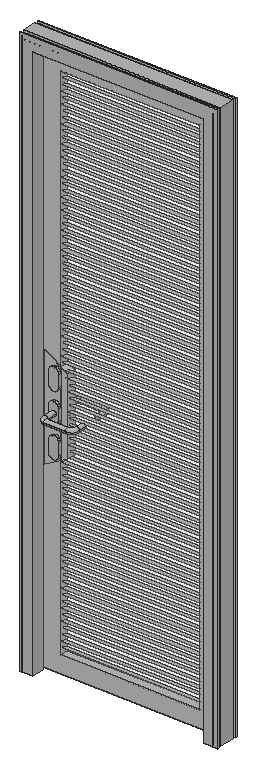
Revit family "Doors_Swing_Avanti_Systems_Acoustic-Dbl-Glazed", category Doors, Revit 2015
Parameters (values of type "Double Glazed Acoustic Swing Door")
  Youtube clip = ""
  Width [instance] = 2' - 8.58379"
  Weight Net (Kg) = "0"
  Warranty = "1 year"  # constant formula
  Uniformat II Description = "Interior Doors"
  Uniformat II Code = "C1020"
  Uniclass 2015 Name = "Doors and windows"
  Uniclass 2015 Code = "EF_25_30"
  Uniclass 2.0 Description = ""
  Uniclass 2.0 Code = ""
  Uniclass 1.4 Description = "Doors"
  Uniclass 1.4 Code = "JL20"
  URL = "https://www.avantisystemsusa.com/"
  UNSPSC Code = "30171504"
  Thickness = 0' - 1 3/4"
  Technical description = ""
  Standard Lever Handle [instance] = not(Locking Lever Handle)  # no
  Sound Rating = 0
  Sketch Dimension [instance] = Width - 2 * (0' 2 51/256")  # 2' - 4.18535"
  Self Closing [instance] = yes
  Region South America = "All"
  Region Oceania = "All"
  Region North America = "All"
  Region Middle East = "All"
  Region Europe = "All"
  Region Asia = "All"
  Region Antarctica = "All"
  Region Africa = "All"
  QR code = "http://bimobject.com/avantisystems/product/avanti-acoustic-double-glazed-glass-swing-door"
  Product url = "https://www.avantisystemsusa.com/glass-products/doors/pivot-doors-hinged-doors/double-glazed-framed/"
  Product group = "Acoustic Double Glazed"
  Product family = "Pivot & Hinged Doors"
  Product data url = "https://bimobject.com/avantisystems/product/avanti-acoustic-double-glazed-glass-swing-door"
  Product certification = ""
  Product SKU = "avanti-acoustic-double-glazed-glass-swing-door"
  Product Guid = "4cbc50b4-6a02-4c5a-a436-d6565afaf1f2"
  Power = 110 V  # constant formula
  OmniClass Description = "Wood Doors"
  OmniClass Code = "23-17 11 15"
  Number of blinds [instance] = (Height - 0' 6") / 0' 1"  # 88
  Nominal width = 0' - 0"
  Nominal height = 0' - 0"
  NBS Reference Description = ""
  NBS Reference Code = ""
  Model = "Acoustic Double Glazed Glass Swing Door"  # constant formula
  Material secondary = "Aluminium"
  Material main = "Glass"
  Masterformat 2014 Description = "Wood Doors"
  Masterformat 2014 Code = "08 14 00"
  Manufacturer name = "Avanti Systems"
  Manufacturer country = ""
  Manufacturer = "Avanti Systems USA"  # constant formula
  Locking Lever Handle [instance] = yes
  Installation instructions = ""
  IFC Classification = "Door"
  Height [instance] = 7' - 9.651"
  Heght Controller [instance] = if(Doors Height Control > 8' 10", 8' 10", Doors Height Control)  # 7' - 0"
  Hardware material [instance] = Stainless Steel - Avanti- Brushed Finish
  Handle width [instance] = Width - 0' 4"  # 2' - 4.58379"
  Handle Height [instance] = Height - 0' 2"  # 7' - 7.651"
  Handle Distance = 0' - 4 1/8"  # constant formula
  Glazing = ""
  Glass Width [instance] = 2' - 4.5976"
  Glass Marker = yes
  Glass Height [instance] = 7' - 7.46539"
  Function = Interior
  Free Swing [instance] = yes
  Frame Material [instance] = Polyester powder - Avanti - White aluminium METALLIC - RAL9006
  Filling_width [instance] = 0' - 1 7/8"
  Filling_height [instance] = 7' - 7.58753"
  Edition number = 1
  EAN code = ""
  Doors panel material = Glass - Avanti - Laminated Glass
  Doors Height Control [instance] = if(Doors Height > 8' 10", 8' 10", Doors Height)  # 7' - 0"
  Doors Height [instance] = 7' - 0"
  Design country = "United States"
  Description = "Double Glazed Acoustic Swing Doors fit seamlessly into the Solare™ Double Glazed, Elevare™ Stacking Double Glazed High Wall , Movare™ Movable Double Glazed or Transverto™ MonobIock Modular for superior sound resistance and style."  # constant formula
  Date of publishing = ""
  Clear Anodic Finish = "AAMA 611, AA-M12c22A31, Class II, 0.01mm or thicker"  # constant formula
  COBIe Type Category = ""
  Brand url = "http://www.avantisystemsusa.com/"
  Blinds material [instance] = Polyester powder - Avanti - White aluminium METALLIC - RAL9006
  Blinds [instance] = yes
  Blinds width [instance] = Width - 0' 9 81/128"  # 1' - 10.95098"
  Blinds height [instance] = Height - 0' 8"  # 7' - 1.651"
  BIMobject main category code = "doors"
  BIMobject main category = "Doors"
  BIMobject category code = "doors-swing"
  BIMobject category = "Swing"
  Analytic Construction = "<None>"
  Acoustic performance (dB) = 43  # constant formula
Reference planes (in)
  plane 1 "Center (Front/Back)": y = 0
  plane 2: z = 0.6245
  plane 3 "Center (Left/Right)": x = 3.24894
  plane 4: x = -13.04295
  plane 5: x = 19.54084
  plane 6 "Top": z = 94.2755
  plane 7: z = 89.62939
  plane 8: x = -8.91795
  plane 9 "Doors Bottom Plan": y = 0.2175
  plane 10: z = 91.651
  plane 11 "Doors Center": y = 0.8725
  plane 12 "Door_top_olan": y = 1.9675
  plane 13 "Door_height_top": z = 91.65289
  plane 14 "Door_left": x = 17.54774
  plane 15 "Door_right": x = -11.04986
  plane 16: z = 91.75551
  plane 17: y = 1.9675
  plane 18: z = 12.6245
  plane 19: z = 78.336
  plane 20: z = 66.336
  plane 21: z = 47.45
  plane 22: y = 1.78
  plane 23: y = 0.405
  plane 24: x = 14.10021
  plane 25: x = -7.60233
  plane 26: z = 89.25449
  plane 27: z = 0.1875
  plane 28: x = 3.24894
  plane 29: x = -11.35863
  plane 30: x = 17.67186
Forms (in)
  Sweep 1, solid, material "Polyester powder - Avanti - White aluminium METALLIC - RAL9006" <- "Frame Material"
    path origin (0.39048, 0, 0) x (1, 0, 0) y (0, 0, 1)
      loop
        line (19.15035, 0) -> (19.15035, 94.2755) -> (-13.43344, 94.2755) -> (-13.43344, 0)
    profile origin (19.54084, 0, 47.13775) x (-1, 0, 0) y (0, -1, 0)
      loop
        line (0, -1.20637) -> (0.32027, -1.20637) -> (0.32027, -1.10581) -> (0.81894, -1.10581) -> (0.81894, -1.90844) -> (0.32, -1.90844) -> (0.32, -1.75074) -> (0, -1.75074) -> (0, -1.9675) -> (1.68432, -1.9675) -> (1.68432, -0.10813) -> (2.19799, -0.10813) -> (2.19799, 1.96951) -> (0, 1.96951) -> (0, 1.75296) -> (0.32, 1.75296) -> (0.32, 1.91045) -> (0.8165, 1.91045) -> (0.8165, 1.12164) -> (0.3206, 1.12164) -> (0.3206, 1.22391) -> (0, 1.22391) -> (0, -1.20637)
  Extrusion 2, solid, material "Glass - Avanti - Laminated Glass" <- "Doors panel material"
    sketch origin (0, 0, 0) x (1, 0, 0) y (0, 1, 0)
      loop
        line (-11.04986, 1.9675) -> (-11.04986, 1.78) -> (17.54774, 1.78) -> (17.54774, 1.9675) -> (-11.04986, 1.9675)
      loop
        line (-11.04986, 0.405) -> (-11.04986, 0.2175) -> (17.54774, 0.2175) -> (17.54774, 0.405) -> (-11.04986, 0.405)
    from 0.1875 to 92.07752
  Sweep 3, solid, material "Polyester powder - Avanti - White aluminium METALLIC - RAL9006" <- "Frame Material"
    path origin (0, 0, 0) x (1, 0, 0) y (0, 0, 1)
      loop
        line (17.54774, 0.1875) -> (17.54774, 92.07752) -> (-11.04986, 92.07752) -> (-11.04986, 0.1875) -> (17.54774, 0.1875)
    profile origin (17.54774, 0, 46.13251) x (-1, 0, 0) y (0, -1, 0)
      loop
        line (2.82303, -1.78) -> (2.82303, -0.405) -> (0, -0.405) -> (0, -1.78) -> (2.82303, -1.78)
Lines and regions (in)
  symbolic lines, style "00 View port"
    curve 1: line (17.85651, 0.2175, 0) -> (-11.35863, 0.2175, 0)
    curve 5: line (-11.17398, 1.78, 0) -> (17.67186, 1.78, 0)
    curve 6: line (-11.17398, 0.405, 0) -> (17.67186, 0.405, 0)
    curve 7: line (3.24894, 1.78, 91.78203) -> (3.24894, 1.78, 0.6245)
    curve 8: line (3.24894, 0.405, 91.78203) -> (3.24894, 0.405, 0.6245)
    curve 9: line (3.24894, 1.905, 91.78203) -> (3.24894, 1.905, 0.6245)
    curve 10: line (3.24894, 1.8425, 91.78203) -> (3.24894, 1.8425, 0.6245)
    curve 11: line (3.24894, 0.3425, 91.78203) -> (3.24894, 0.3425, 0.6245)
    curve 12: line (3.24894, 0.28, 91.78203) -> (3.24894, 0.28, 0.6245)
  symbolic lines, style "01 Cut"
    curve 2: line (3.24894, 1.9675, 0.6245) -> (3.24894, 0.2175, 0.6245)
    curve 3: line (3.24894, 0.2175, 0.6245) -> (3.24894, 0.2175, 91.78203)
    curve 4: line (3.24894, 1.9675, 91.78203) -> (3.24894, 1.9675, 0.6245)
  symbolic lines, style "0", detail levels medium+fine
    curve 13: line (-9.7346, 2.31618, 0) -> (-8.09759, 2.31618, 0)
    curve 14: line (-9.7346, 1.9675, 0) -> (-9.7346, 2.31618, 0)
    curve 15: line (-8.09759, 1.9675, 0) -> (-9.7346, 1.9675, 0)
    curve 16: line (-8.09759, 2.31618, 0) -> (-8.09759, 1.9675, 0)
    curve 17: line (-9.30872, 2.31618, 0) -> (-9.30872, 4.12294, 0)
    curve 18: arc (-9.30872, 4.12294, 0) -> (-9.01696, 4.82732, 0) -> (-8.31258, 5.11908, 0) r 0.99614
    curve 19: line (-8.31258, 5.11908, 0) -> (-4.68684, 5.11908, 0)
    curve 20: arc (-4.68684, 5.11908, 0) -> (-3.85061, 4.7727, 0) -> (-3.50423, 3.93647, 0) r 1.18261
    curve 21: line (-3.50423, 3.93647, 0) -> (-3.50423, 2.59532, 0)
    curve 22: line (-3.50423, 2.59532, 0) -> (-4.28513, 2.59532, 0)
    curve 23: line (-4.28513, 2.59532, 0) -> (-4.28513, 3.93356, 0)
    curve 24: arc (-4.28513, 3.93356, 0) -> (-4.4221, 4.21798, 0) -> (-4.71539, 4.33478, 0) r 0.43481
    curve 25: line (-4.71539, 4.33478, 0) -> (-8.27803, 4.33478, 0)
    curve 26: arc (-8.27803, 4.33478, 0) -> (-8.44928, 4.26384, 0) -> (-8.52022, 4.09259, 0) r 0.24219
    curve 27: line (-8.52022, 4.09259, 0) -> (-8.52022, 2.31618, 0)
    curve 43: line (-9.7346, -0.13118, 0) -> (-8.09759, -0.13118, 0)
    curve 44: line (-9.7346, 0.2175, 0) -> (-9.7346, -0.13118, 0)
    curve 45: line (-8.09759, 0.2175, 0) -> (-9.7346, 0.2175, 0)
    curve 46: line (-8.09759, -0.13118, 0) -> (-8.09759, 0.2175, 0)
    curve 47: line (-9.30872, -0.13118, 0) -> (-9.30872, -1.93794, 0)
    curve 48: arc (-9.30872, -1.93794, 0) -> (-9.01696, -2.64232, 0) -> (-8.31258, -2.93408, 0) r 0.99614
    curve 49: line (-8.31258, -2.93408, 0) -> (-4.68684, -2.93408, 0)
    curve 50: arc (-4.68684, -2.93408, 0) -> (-3.85061, -2.5877, 0) -> (-3.50423, -1.75147, 0) r 1.18261
    curve 51: line (-3.50423, -1.75147, 0) -> (-3.50423, -0.41032, 0)
    curve 52: line (-3.50423, -0.41032, 0) -> (-4.28513, -0.41032, 0)
    curve 53: line (-4.28513, -0.41032, 0) -> (-4.28513, -1.74856, 0)
    curve 54: arc (-4.28513, -1.74856, 0) -> (-4.4221, -2.03298, 0) -> (-4.71539, -2.14978, 0) r 0.43481
    curve 55: line (-4.71539, -2.14978, 0) -> (-8.27803, -2.14978, 0)
    curve 56: arc (-8.27803, -2.14978, 0) -> (-8.44928, -2.07884, 0) -> (-8.52022, -1.90759, 0) r 0.24219
    curve 57: line (-8.52022, -1.90759, 0) -> (-8.52022, -0.13118, 0)
  symbolic lines, style "0", not visible, detail levels medium+fine
    curve 28: line (-9.7346, 2.31618, 0) -> (-8.09759, 2.31618, 0)
    curve 29: line (-9.7346, 1.9675, 0) -> (-9.7346, 2.31618, 0)
    curve 30: line (-8.09759, 1.9675, 0) -> (-9.7346, 1.9675, 0)
    curve 31: line (-8.09759, 2.31618, 0) -> (-8.09759, 1.9675, 0)
    curve 32: line (-9.30872, 2.31618, 0) -> (-9.30872, 4.12294, 0)
    curve 33: arc (-9.30872, 4.12294, 0) -> (-9.01696, 4.82732, 0) -> (-8.31258, 5.11908, 0) r 0.99614
    curve 34: line (-8.31258, 5.11908, 0) -> (-4.68684, 5.11908, 0)
    curve 35: arc (-4.68684, 5.11908, 0) -> (-3.85061, 4.7727, 0) -> (-3.50423, 3.93647, 0) r 1.18261
    curve 36: line (-3.50423, 3.93647, 0) -> (-3.50423, 2.59532, 0)
    curve 37: line (-3.50423, 2.59532, 0) -> (-4.28513, 2.59532, 0)
    curve 38: line (-4.28513, 2.59532, 0) -> (-4.28513, 3.93356, 0)
    curve 39: arc (-4.28513, 3.93356, 0) -> (-4.4221, 4.21798, 0) -> (-4.71539, 4.33478, 0) r 0.43481
    curve 40: line (-4.71539, 4.33478, 0) -> (-8.27803, 4.33478, 0)
    curve 41: arc (-8.27803, 4.33478, 0) -> (-8.44928, 4.26384, 0) -> (-8.52022, 4.09259, 0) r 0.24219
    curve 42: line (-8.52022, 4.09259, 0) -> (-8.52022, 2.31618, 0)
    curve 58: line (-8.91795, 2.31618, 0) -> (-8.91795, 2.06618, 0)
    curve 59: line (-8.91795, 2.31618, 0) -> (-8.91795, 2.06618, 0)
    curve 60: line (-8.91795, -0.13118, 0) -> (-8.91795, 0.11882, 0)
  symbolic lines, visible <- "Glass Marker"
    curve 61: line (0.42051, -0.24998, 44.62157) -> (6.07737, -0.24998, 50.27843)
    curve 62: line (3.24894, -0.24998, 45.60204) -> (5.0969, -0.24998, 47.45)
    curve 63: line (1.40098, -0.24998, 47.45) -> (3.24894, -0.24998, 49.29796)
  symbolic lines, not visible
    curve 64: line (1.40098, 0.25002, 47.45) -> (5.0969, 0.25002, 47.45)
    curve 69: line (-1.84534, 0.25002, 22.66367) -> (1.85057, 0.25002, 22.66367)
  model lines, not visible
    curve 65: line (3.24894, 0.25002, 45.60204) -> (3.24894, 0.25002, 49.29796)
    curve 70: line (0.00262, 0.25002, 20.81572) -> (0.00262, 0.25002, 24.51163)
  symbolic lines, visible <- "Glass Marker", not visible
    curve 66: line (-2.82581, -0.24998, 19.83525) -> (2.83104, -0.24998, 25.4921)
    curve 67: line (0.00262, -0.24998, 20.81572) -> (1.85057, -0.24998, 22.66367)
    curve 68: line (-1.84534, -0.24998, 22.66367) -> (0.00262, -0.24998, 24.51163)
  symbolic lines, style "DoorsHiddenLines"
    curve 71: line (-8.22683, 0, 89.25449) -> (14.72471, 0, 47.45)
    curve 72: line (14.72471, 0, 47.45) -> (-8.91795, 0, 0.1875)
    curve 73: line (17.54774, 1.9675, 0) -> (17.54774, 28.18535, 0)
    curve 74: arc (17.54774, 28.18535, 0) -> (-2.26495, 21.08656, 0) -> (-11.06253, 1.9675, 0) r 27.16735
  symbolic lines, style "0"
    curve 75: line (-11.35863, 1.9675, 0) -> (17.54774, 1.9675, 0)
Text (in)
  text "Exterior" at (-45.72835, 31.38743, 0), in view "Ref. Level"
Dimensions and locks (in)
  equal spacing: plane 4, plane 3 "Center (Left/Right)", plane 5  (x2)
  "Handle Distance": plane 4 to plane 8
  "Thickness": plane 12 "Door_top_olan" to plane 9 "Doors Bottom Plan"
  plane 12 "Door_top_olan" to plane 11 "Doors Center" to plane 9 "Doors Bottom Plan" = 0' - 1.095", 0' - 0.655"
  locked: plane 16 to plane 6 "Top" at 2.51999
  locked: plane 14 "Door_left" to plane 5 at 1.9931
  locked: plane 15 "Door_right" to plane 4 at 1.9931
  plane 17 to plane 12 "Door_top_olan" = 0' - 0"
  locked: plane 2 to plane 18 at 12
  locked: plane 19 to plane 13 "Door_height_top" at 13.31689
  locked: plane 20 to plane 13 "Door_height_top" at 25.31689
  plane 13 "Door_height_top" to plane 6 "Top" = 0' - 2.62261"
  equal spacing: plane 2, plane 21, plane 6 "Top", locked at 46.8255 each
  locked: plane 12 "Door_top_olan" to plane 22 at 0.1875
  locked: plane 23 to plane 9 "Doors Bottom Plan" at 0.1875
  "Height": plane 2 to plane 6 "Top"
  locked: plane 24 to plane 5 at 5.44062
  locked: plane 25 to plane 4 at 5.44062
  "Width": plane 4 to plane 5
  plane 26 to plane 6 "Top" = 0' - 5.02101"
  equal spacing: plane 17, curve 9, curve 10, plane 22, locked at 0.0625 each
  equal spacing: plane 23, curve 11, curve 12, plane 9 "Doors Bottom Plan", locked at 0.0625 each
  plane 27 to plane 2 = 0' - 0.437"
  equal spacing: plane 4, plane 28, plane 5
  "Glass Height": plane 27 to plane 13 "Door_height_top"
  "Glass Width": plane 14 "Door_left" to plane 15 "Door_right"
  "Sketch Dimension": plane 1 "Center (Front/Back)" to curve 73
  plane 2 to nested 9 = 3' - 2"
  locked: plane 4 to plane 29 at 1.68432
  locked: plane 30 to plane 5 at 1.86898
  locked: Sweep 3 sketch curve to profile plane at 2.82303
  aligned and locked: Sweep 1 sketch curve to plane 5
  aligned and locked: plane 4 to Sweep 1 sketch curve
  aligned and locked: Sweep 1 sketch curve to plane 6 "Top"
  aligned and locked: Sweep 1 to plane 17
  aligned and locked: curve 3 to plane 9 "Doors Bottom Plan"
  aligned and locked: curve 4 to plane 12 "Door_top_olan"
  aligned and locked: Extrusion 2 sketch curve to plane 12 "Door_top_olan"
  aligned and locked: plane 22 to Extrusion 2 sketch curve
  aligned and locked: plane 15 "Door_right" to Extrusion 2 sketch curve  (x2)
  aligned and locked: Extrusion 2 sketch curve to plane 14 "Door_left"  (x2)
  aligned and locked: Extrusion 2 sketch curve to plane 23
  aligned and locked: plane 9 "Doors Bottom Plan" to Extrusion 2 sketch curve
  aligned and locked: Sweep 3 sketch curve to plane 14 "Door_left"
  aligned and locked: plane 15 "Door_right" to Sweep 3 sketch curve
  aligned and locked: Sweep 3 sketch curve to plane 22
  aligned and locked: plane 23 to Sweep 3 sketch curve
  aligned and locked: Sweep 3 sketch curve to profile plane
  aligned and locked: Sweep 3 to Sweep 3
  aligned and locked: Sweep 3 to plane 26  (x4)
  aligned and locked: nested 1 to plane 26
  aligned and locked: nested 1 to plane 3 "Center (Left/Right)"
  aligned and locked: plane 4 to nested 2
  aligned and locked: nested 2 to plane 12 "Door_top_olan"
  aligned and locked: plane 5 to nested 3
  aligned and locked: plane 12 "Door_top_olan" to nested 3
  aligned and locked: Sweep 1 sketch curve to nested 3  (x6)
  aligned and locked: Sweep 1 sketch curve to plane 12 "Door_top_olan"
  aligned and locked: Sweep 1 to curve 1  (x2)
  aligned and locked: curve 5 to plane 22
  aligned and locked: curve 6 to plane 23
  aligned and locked: nested 2 to curve 5
  aligned and locked: curve 6 to nested 2
  aligned and locked: nested 3 to curve 5
  aligned and locked: nested 3 to curve 6
  aligned and locked: nested 4 to plane 17
  aligned and locked: curve 2 to plane 2
  aligned and locked: nested 4 to curve 4
  aligned and locked: curve 3 to nested 4
  aligned and locked: plane 22 to curve 7
  aligned and locked: plane 23 to curve 8
  aligned and locked: nested 4 to curve 9
  aligned and locked: nested 4 to curve 10
  aligned and locked: nested 4 to curve 7
  aligned and locked: curve 8 to nested 4
  aligned and locked: curve 11 to nested 4
  aligned and locked: curve 12 to nested 4
  aligned and locked: plane 2 to curve 9
  aligned and locked: nested 9 to plane 2
  aligned and locked: nested 9 to plane 4
  aligned and locked: curve 15 to plane 17
  aligned and locked: plane 9 "Doors Bottom Plan" to curve 45
  aligned and locked: curve 58 to nested 9
  aligned and locked: curve 60 to plane 8
  aligned and locked: plane 27 to Sweep 3 sketch curve  (x2)
  aligned and locked: Extrusion 2 to plane 27
  aligned and locked: curve 65 to plane 28
  aligned and locked: plane 21 to curve 64
  aligned and locked: plane 26 to Sweep 3
  aligned and locked: plane 21 to curve 72
  aligned and locked: curve 73 to curve 74
  aligned and locked: nested 5 to plane 18
  aligned and locked: nested 7 to plane 20
  aligned and locked: nested 8 to plane 19
  aligned and locked: plane 21 to nested 6
  aligned and locked: nested 8 to Extrusion 2
  aligned and locked: nested 7 to Extrusion 2
  aligned and locked: nested 6 to Extrusion 2
  aligned and locked: nested 5 to Extrusion 2
  aligned and locked: plane 14 "Door_left" to nested 6
  aligned and locked: plane 14 "Door_left" to nested 5
  aligned and locked: Extrusion 2 to nested 7
  aligned and locked: Extrusion 2 to nested 8
  aligned and locked: plane 14 "Door_left" to curve 73
  aligned and locked: plane 29 to curve 75
  aligned and locked: Sweep 3 sketch curve to Sweep 1
  aligned and locked: Extrusion 2 to Sweep 1
  aligned and locked: plane 26 to curve 71
Automatic sketch dimensions
  curve 13 to curve 17 = 0' - 0.42588"
  curve 17 to curve 27 = 0' - 0.7885"
  curve 26 to curve 19 = 0' - 0.20764"
  curve 18 to curve 25 = 0' - 0.03455"
  curve 27 to curve 16 = 0' - 0.42263"
  curve 26 to curve 24 = 0' - 3.55939"
  curve 24 to curve 25 = 0' - 0.00325"
  curve 24 to curve 20 = 0' - 0.0318"
  curve 24 to curve 22 = 0' - 0.43351"
  curve 22 to curve 21 = 0' - 0.7809"
  curve 15 to curve 16 = 0' - 0.34868"
  curve 13 to curve 23 = 0' - 0.27914"
  curve 22 to curve 24 = 0' - 1.30467"
  curve 24 to curve 23 = 0' - 0.03357"
  curve 24 to curve 20 = 0' - 0.03649"
  curve 58 to curve 27 = 0' - 0.39773"
  curve 58 to curve 27 = 0' - 0 1/4"
  curve 58 to curve 58 = 0' - 0 1/4"
  curve 28 to curve 32 = 0' - 0.42588"
  curve 32 to curve 42 = 0' - 0.7885"
  curve 41 to curve 34 = 0' - 0.20764"
  curve 33 to curve 40 = 0' - 0.03455"
  curve 42 to curve 31 = 0' - 0.42263"
  curve 41 to curve 39 = 0' - 3.55939"
  curve 39 to curve 40 = 0' - 0.00325"
  curve 39 to curve 35 = 0' - 0.0318"
  curve 39 to curve 37 = 0' - 0.43351"
  curve 37 to curve 36 = 0' - 0.7809"
  curve 30 to curve 31 = 0' - 0.34868"
  curve 28 to curve 38 = 0' - 0.27914"
  curve 37 to curve 39 = 0' - 1.30467"
  curve 39 to curve 38 = 0' - 0.03357"
  curve 39 to curve 35 = 0' - 0.03649"
  curve 59 to curve 42 = 0' - 0.39773"
  curve 59 to curve 42 = 0' - 0 1/4"
  curve 59 to curve 59 = 0' - 0 1/4"
  curve 43 to curve 47 = 0' - 0.42588"
  curve 47 to curve 57 = 0' - 0.7885"
  curve 56 to curve 49 = 0' - 0.20764"
  curve 48 to curve 55 = 0' - 0.03455"
  curve 57 to curve 46 = 0' - 0.42263"
  curve 56 to curve 54 = 0' - 3.55939"
  curve 54 to curve 55 = 0' - 0.00325"
  curve 54 to curve 50 = 0' - 0.0318"
  curve 54 to curve 52 = 0' - 0.43351"
  curve 52 to curve 51 = 0' - 0.7809"
  curve 46 to curve 45 = 0' - 0.34868"
  curve 53 to curve 43 = 0' - 0.27914"
  curve 54 to curve 52 = 0' - 1.30467"
  curve 53 to curve 54 = 0' - 0.03357"
  curve 50 to curve 54 = 0' - 0.03649"
  curve 60 to curve 57 = 0' - 0.39773"
  curve 57 to curve 60 = 0' - 0 1/4"
  curve 60 to curve 60 = 0' - 0 1/4"
  Sweep 1 sketch curve to level = 0' - 0"  (x2)
  Sweep 1 sketch curve to profile plane = 0' - 0"  (x3)
  Sweep 1 sketch curve to profile plane = 0' - 0.32"
  Sweep 1 sketch curve to Sweep 1 sketch curve = 0' - 0.32"
  Sweep 1 sketch curve to profile plane = 0' - 0.32027"
  Sweep 1 sketch curve to profile plane = 0' - 0.3206"
  Sweep 1 sketch curve to Sweep 1 sketch curve = 0' - 0.49591"
  Sweep 1 sketch curve to Sweep 1 sketch curve = 0' - 0.49894"
  Sweep 1 sketch curve to Sweep 1 sketch curve = 0' - 0.15771"
  Sweep 1 sketch curve to Sweep 1 sketch curve = 0' - 0.54437"
  Sweep 1 sketch curve to Sweep 1 sketch curve = 0' - 0.10056"
  Sweep 1 sketch curve to Sweep 1 sketch curve = 0' - 0.10227"
  Sweep 1 sketch curve to Sweep 1 sketch curve = 0' - 0.21655"
  Sweep 1 sketch curve to Sweep 1 sketch curve = 0' - 0.1575"
  curve 1 to plane 9 "Doors Bottom Plan" = 0' - 0"
  plane 11 "Doors Center" to curve 74 = 0' - 0.18466"
  curve 74 to plane 14 "Door_left" = 0' - 1.45817"
  curve 74 to plane 12 "Door_top_olan" = 0' - 0"
  plane 8 to curve 72 = 0' - 0"
  curve 72 to plane 27 = 0' - 0"
  curve 71 to plane 25 = 0' - 0.6245"
  plane 24 to curve 72 = 0' - 0.6245"
Nested families (in)
  nested 1: "Blinds" at (3.24894, 0.405, 46.42899) x (1, 0, 0) z (0, 1, 0), visible <- "Blinds", type "Blinds"
    with Width 1' - 10.95098", Height 7' - 1.651"
  nested 2: "Door Frame" at (-11.81512, -0.34464, 0), type "Door Frame"
  nested 3: "Door Frame" at (18.313, -0.34464, 0) x (-1, 0, 0) z (0, 0, 1), type "Door Frame"
  nested 4: "Door Frame" at (3.24894, -0.34464, 92.42317) x (0, 0, -1) z (1, 0, 0), type "Door Frame"
  nested 5: "Hinge" at (17.79774, 1.9675, 17.1245) x (-1, 0, 0) z (0, 1, 0), type "Frame To Glass Door Hydraulic Hinge"
  nested 6: "Hinge" at (17.79774, 1.9675, 49.7) x (-1, 0, 0) z (0, 1, 0), type "Frame To Glass Door Hydraulic Hinge"
  nested 7: "Hinge" at (17.79774, 1.9675, 70.836) x (-1, 0, 0) z (0, 1, 0), type "Frame To Glass Door Hydraulic Hinge"
  nested 8: "Hinge" at (17.79774, 1.9675, 82.836) x (-1, 0, 0) z (0, 1, 0), type "Frame To Glass Door Hydraulic Hinge"
  nested 9: "Handle" at (-8.91795, -1.1575, 38.6245) x (-1, 0, 0) z (0, -1, 0), type "Lever Handle", detail levels medium+fine
Definition of nested family "Blinds"
  Parameters (values of type "Blinders")
    Width = 1' - 9.70098"
    Number = 88
    Material = none
    Height = 7' - 4.2096"
    Default Elevation = 4' - 0"
  Reference planes (in)
    plane 1 "Center (Front/Back)": y = 0
    plane 2: z = 0
    plane 3 "Center (Left/Right)": x = 0
    plane 4: y = 44.1048
    plane 5: y = -44.1048
  Forms (in)
    Sweep 1, solid, material <- "Material"
      path origin (0, 28.38242, 0) x (1, 0, 0) y (0, 1, 0)
        loop
          line (-10.85049, 15.72238) -> (10.85049, 15.72238)
      profile origin (0, 44.1048, 0) x (0, 1, 0) y (0, 0, 1)
        loop
          line (-0.53392, 1.375) -> (0, 0)
          arc (0, 0) -> (-0.1282, 0.74138) -> (-0.53392, 1.375) r 1.90149
    Sweep 2, solid, material <- "Material"
      path origin (0, 27.37466, 0) x (1, 0, 0) y (0, 1, 0)
        loop
          line (-10.85049, 15.72238) -> (10.85049, 15.72238)
      profile origin (0, 43.09703, 0) x (0, 1, 0) y (0, 0, 1)
        loop
          line (-0.53392, 1.375) -> (0, 0)
          arc (0, 0) -> (-0.1282, 0.74138) -> (-0.53392, 1.375) r 1.90149
    Sweep 3, solid, material <- "Material"
      path origin (0, 26.36689, 0) x (1, 0, 0) y (0, 1, 0)
        loop
          line (-10.85049, 15.72238) -> (10.85049, 15.72238)
      profile origin (0, 42.08927, 0) x (0, 1, 0) y (0, 0, 1)
        loop
          line (-0.53392, 1.375) -> (0, 0)
          arc (0, 0) -> (-0.1282, 0.74138) -> (-0.53392, 1.375) r 1.90149
    Sweep 4, solid, material <- "Material"
      path origin (0, 25.35912, 0) x (1, 0, 0) y (0, 1, 0)
        loop
          line (-10.85049, 15.72238) -> (10.85049, 15.72238)
      profile origin (0, 41.0815, 0) x (0, 1, 0) y (0, 0, 1)
        loop
          line (-0.53392, 1.375) -> (0, 0)
          arc (0, 0) -> (-0.1282, 0.74138) -> (-0.53392, 1.375) r 1.90149
    Sweep 5, solid, material <- "Material"
      path origin (0, 24.35136, 0) x (1, 0, 0) y (0, 1, 0)
        loop
          line (-10.85049, 15.72238) -> (10.85049, 15.72238)
      profile origin (0, 40.07373, 0) x (0, 1, 0) y (0, 0, 1)
        loop
          line (-0.53392, 1.375) -> (0, 0)
          arc (0, 0) -> (-0.1282, 0.74138) -> (-0.53392, 1.375) r 1.90149
    Sweep 6, solid, material <- "Material"
      path origin (0, 23.34359, 0) x (1, 0, 0) y (0, 1, 0)
        loop
          line (-10.85049, 15.72238) -> (10.85049, 15.72238)
      profile origin (0, 39.06597, 0) x (0, 1, 0) y (0, 0, 1)
        loop
          line (-0.53392, 1.375) -> (0, 0)
          arc (0, 0) -> (-0.1282, 0.74138) -> (-0.53392, 1.375) r 1.90149
    Sweep 7, solid, material <- "Material"
      path origin (0, 22.33582, 0) x (1, 0, 0) y (0, 1, 0)
        loop
          line (-10.85049, 15.72238) -> (10.85049, 15.72238)
      profile origin (0, 38.0582, 0) x (0, 1, 0) y (0, 0, 1)
        loop
          line (-0.53392, 1.375) -> (0, 0)
          arc (0, 0) -> (-0.1282, 0.74138) -> (-0.53392, 1.375) r 1.90149
    Sweep 8, solid, material <- "Material"
      path origin (0, 21.32806, 0) x (1, 0, 0) y (0, 1, 0)
        loop
          line (-10.85049, 15.72238) -> (10.85049, 15.72238)
      profile origin (0, 37.05043, 0) x (0, 1, 0) y (0, 0, 1)
        loop
          line (-0.53392, 1.375) -> (0, 0)
          arc (0, 0) -> (-0.1282, 0.74138) -> (-0.53392, 1.375) r 1.90149
    Sweep 9, solid, material <- "Material"
      path origin (0, 20.32029, 0) x (1, 0, 0) y (0, 1, 0)
        loop
          line (-10.85049, 15.72238) -> (10.85049, 15.72238)
      profile origin (0, 36.04267, 0) x (0, 1, 0) y (0, 0, 1)
        loop
          line (-0.53392, 1.375) -> (0, 0)
          arc (0, 0) -> (-0.1282, 0.74138) -> (-0.53392, 1.375) r 1.90149
    Sweep 10, solid, material <- "Material"
      path origin (0, 19.31252, 0) x (1, 0, 0) y (0, 1, 0)
        loop
          line (-10.85049, 15.72238) -> (10.85049, 15.72238)
      profile origin (0, 35.0349, 0) x (0, 1, 0) y (0, 0, 1)
        loop
          line (-0.53392, 1.375) -> (0, 0)
          arc (0, 0) -> (-0.1282, 0.74138) -> (-0.53392, 1.375) r 1.90149
    Sweep 11, solid, material <- "Material"
      path origin (0, 18.30476, 0) x (1, 0, 0) y (0, 1, 0)
        loop
          line (-10.85049, 15.72238) -> (10.85049, 15.72238)
      profile origin (0, 34.02713, 0) x (0, 1, 0) y (0, 0, 1)
        loop
          line (-0.53392, 1.375) -> (0, 0)
          arc (0, 0) -> (-0.1282, 0.74138) -> (-0.53392, 1.375) r 1.90149
    Sweep 12, solid, material <- "Material"
      path origin (0, 17.29699, 0) x (1, 0, 0) y (0, 1, 0)
        loop
          line (-10.85049, 15.72238) -> (10.85049, 15.72238)
      profile origin (0, 33.01937, 0) x (0, 1, 0) y (0, 0, 1)
        loop
          line (-0.53392, 1.375) -> (0, 0)
          arc (0, 0) -> (-0.1282, 0.74138) -> (-0.53392, 1.375) r 1.90149
    Sweep 13, solid, material <- "Material"
      path origin (0, 16.28922, 0) x (1, 0, 0) y (0, 1, 0)
        loop
          line (-10.85049, 15.72238) -> (10.85049, 15.72238)
      profile origin (0, 32.0116, 0) x (0, 1, 0) y (0, 0, 1)
        loop
          line (-0.53392, 1.375) -> (0, 0)
          arc (0, 0) -> (-0.1282, 0.74138) -> (-0.53392, 1.375) r 1.90149
    Sweep 14, solid, material <- "Material"
      path origin (0, 15.28146, 0) x (1, 0, 0) y (0, 1, 0)
        loop
          line (-10.85049, 15.72238) -> (10.85049, 15.72238)
      profile origin (0, 31.00384, 0) x (0, 1, 0) y (0, 0, 1)
        loop
          line (-0.53392, 1.375) -> (0, 0)
          arc (0, 0) -> (-0.1282, 0.74138) -> (-0.53392, 1.375) r 1.90149
    Sweep 15, solid, material <- "Material"
      path origin (0, 14.27369, 0) x (1, 0, 0) y (0, 1, 0)
        loop
          line (-10.85049, 15.72238) -> (10.85049, 15.72238)
      profile origin (0, 29.99607, 0) x (0, 1, 0) y (0, 0, 1)
        loop
          line (-0.53392, 1.375) -> (0, 0)
          arc (0, 0) -> (-0.1282, 0.74138) -> (-0.53392, 1.375) r 1.90149
    Sweep 16, solid, material <- "Material"
      path origin (0, 13.26593, 0) x (1, 0, 0) y (0, 1, 0)
        loop
          line (-10.85049, 15.72238) -> (10.85049, 15.72238)
      profile origin (0, 28.9883, 0) x (0, 1, 0) y (0, 0, 1)
        loop
          line (-0.53392, 1.375) -> (0, 0)
          arc (0, 0) -> (-0.1282, 0.74138) -> (-0.53392, 1.375) r 1.90149
    Sweep 17, solid, material <- "Material"
      path origin (0, 12.25816, 0) x (1, 0, 0) y (0, 1, 0)
        loop
          line (-10.85049, 15.72238) -> (10.85049, 15.72238)
      profile origin (0, 27.98054, 0) x (0, 1, 0) y (0, 0, 1)
        loop
          line (-0.53392, 1.375) -> (0, 0)
          arc (0, 0) -> (-0.1282, 0.74138) -> (-0.53392, 1.375) r 1.90149
    Sweep 18, solid, material <- "Material"
      path origin (0, 11.25039, 0) x (1, 0, 0) y (0, 1, 0)
        loop
          line (-10.85049, 15.72238) -> (10.85049, 15.72238)
      profile origin (0, 26.97277, 0) x (0, 1, 0) y (0, 0, 1)
        loop
          line (-0.53392, 1.375) -> (0, 0)
          arc (0, 0) -> (-0.1282, 0.74138) -> (-0.53392, 1.375) r 1.90149
    Sweep 19, solid, material <- "Material"
      path origin (0, 10.24263, 0) x (1, 0, 0) y (0, 1, 0)
        loop
          line (-10.85049, 15.72238) -> (10.85049, 15.72238)
      profile origin (0, 25.965, 0) x (0, 1, 0) y (0, 0, 1)
        loop
          line (-0.53392, 1.375) -> (0, 0)
          arc (0, 0) -> (-0.1282, 0.74138) -> (-0.53392, 1.375) r 1.90149
    Sweep 20, solid, material <- "Material"
      path origin (0, 9.23486, 0) x (1, 0, 0) y (0, 1, 0)
        loop
          line (-10.85049, 15.72238) -> (10.85049, 15.72238)
      profile origin (0, 24.95724, 0) x (0, 1, 0) y (0, 0, 1)
        loop
          line (-0.53392, 1.375) -> (0, 0)
          arc (0, 0) -> (-0.1282, 0.74138) -> (-0.53392, 1.375) r 1.90149
    Sweep 21, solid, material <- "Material"
      path origin (0, 8.22709, 0) x (1, 0, 0) y (0, 1, 0)
        loop
          line (-10.85049, 15.72238) -> (10.85049, 15.72238)
      profile origin (0, 23.94947, 0) x (0, 1, 0) y (0, 0, 1)
        loop
          line (-0.53392, 1.375) -> (0, 0)
          arc (0, 0) -> (-0.1282, 0.74138) -> (-0.53392, 1.375) r 1.90149
    Sweep 22, solid, material <- "Material"
      path origin (0, 7.21933, 0) x (1, 0, 0) y (0, 1, 0)
        loop
          line (-10.85049, 15.72238) -> (10.85049, 15.72238)
      profile origin (0, 22.9417, 0) x (0, 1, 0) y (0, 0, 1)
        loop
          line (-0.53392, 1.375) -> (0, 0)
          arc (0, 0) -> (-0.1282, 0.74138) -> (-0.53392, 1.375) r 1.90149
    Sweep 23, solid, material <- "Material"
      path origin (0, 6.21156, 0) x (1, 0, 0) y (0, 1, 0)
        loop
          line (-10.85049, 15.72238) -> (10.85049, 15.72238)
      profile origin (0, 21.93394, 0) x (0, 1, 0) y (0, 0, 1)
        loop
          line (-0.53392, 1.375) -> (0, 0)
          arc (0, 0) -> (-0.1282, 0.74138) -> (-0.53392, 1.375) r 1.90149
    Sweep 24, solid, material <- "Material"
      path origin (0, 5.20379, 0) x (1, 0, 0) y (0, 1, 0)
        loop
          line (-10.85049, 15.72238) -> (10.85049, 15.72238)
      profile origin (0, 20.92617, 0) x (0, 1, 0) y (0, 0, 1)
        loop
          line (-0.53392, 1.375) -> (0, 0)
          arc (0, 0) -> (-0.1282, 0.74138) -> (-0.53392, 1.375) r 1.90149
    Sweep 25, solid, material <- "Material"
      path origin (0, 4.19603, 0) x (1, 0, 0) y (0, 1, 0)
        loop
          line (-10.85049, 15.72238) -> (10.85049, 15.72238)
      profile origin (0, 19.9184, 0) x (0, 1, 0) y (0, 0, 1)
        loop
          line (-0.53392, 1.375) -> (0, 0)
          arc (0, 0) -> (-0.1282, 0.74138) -> (-0.53392, 1.375) r 1.90149
    Sweep 26, solid, material <- "Material"
      path origin (0, 3.18826, 0) x (1, 0, 0) y (0, 1, 0)
        loop
          line (-10.85049, 15.72238) -> (10.85049, 15.72238)
      profile origin (0, 18.91064, 0) x (0, 1, 0) y (0, 0, 1)
        loop
          line (-0.53392, 1.375) -> (0, 0)
          arc (0, 0) -> (-0.1282, 0.74138) -> (-0.53392, 1.375) r 1.90149
    Sweep 27, solid, material <- "Material"
      path origin (0, 2.18049, 0) x (1, 0, 0) y (0, 1, 0)
        loop
          line (-10.85049, 15.72238) -> (10.85049, 15.72238)
      profile origin (0, 17.90287, 0) x (0, 1, 0) y (0, 0, 1)
        loop
          line (-0.53392, 1.375) -> (0, 0)
          arc (0, 0) -> (-0.1282, 0.74138) -> (-0.53392, 1.375) r 1.90149
    Sweep 28, solid, material <- "Material"
      path origin (0, 1.17273, 0) x (1, 0, 0) y (0, 1, 0)
        loop
          line (-10.85049, 15.72238) -> (10.85049, 15.72238)
      profile origin (0, 16.89511, 0) x (0, 1, 0) y (0, 0, 1)
        loop
          line (-0.53392, 1.375) -> (0, 0)
          arc (0, 0) -> (-0.1282, 0.74138) -> (-0.53392, 1.375) r 1.90149
    Sweep 29, solid, material <- "Material"
      path origin (0, 0.16496, 0) x (1, 0, 0) y (0, 1, 0)
        loop
          line (-10.85049, 15.72238) -> (10.85049, 15.72238)
      profile origin (0, 15.88734, 0) x (0, 1, 0) y (0, 0, 1)
        loop
          line (-0.53392, 1.375) -> (0, 0)
          arc (0, 0) -> (-0.1282, 0.74138) -> (-0.53392, 1.375) r 1.90149
    Sweep 30, solid, material <- "Material"
      path origin (0, -0.8428, 0) x (1, 0, 0) y (0, 1, 0)
        loop
          line (-10.85049, 15.72238) -> (10.85049, 15.72238)
      profile origin (0, 14.87957, 0) x (0, 1, 0) y (0, 0, 1)
        loop
          line (-0.53392, 1.375) -> (0, 0)
          arc (0, 0) -> (-0.1282, 0.74138) -> (-0.53392, 1.375) r 1.90149
    Sweep 31, solid, material <- "Material"
      path origin (0, -1.85057, 0) x (1, 0, 0) y (0, 1, 0)
        loop
          line (-10.85049, 15.72238) -> (10.85049, 15.72238)
      profile origin (0, 13.87181, 0) x (0, 1, 0) y (0, 0, 1)
        loop
          line (-0.53392, 1.375) -> (0, 0)
          arc (0, 0) -> (-0.1282, 0.74138) -> (-0.53392, 1.375) r 1.90149
    Sweep 32, solid, material <- "Material"
      path origin (0, -2.85834, 0) x (1, 0, 0) y (0, 1, 0)
        loop
          line (-10.85049, 15.72238) -> (10.85049, 15.72238)
      profile origin (0, 12.86404, 0) x (0, 1, 0) y (0, 0, 1)
        loop
          line (-0.53392, 1.375) -> (0, 0)
          arc (0, 0) -> (-0.1282, 0.74138) -> (-0.53392, 1.375) r 1.90149
    Sweep 33, solid, material <- "Material"
      path origin (0, -3.8661, 0) x (1, 0, 0) y (0, 1, 0)
        loop
          line (-10.85049, 15.72238) -> (10.85049, 15.72238)
      profile origin (0, 11.85627, 0) x (0, 1, 0) y (0, 0, 1)
        loop
          line (-0.53392, 1.375) -> (0, 0)
          arc (0, 0) -> (-0.1282, 0.74138) -> (-0.53392, 1.375) r 1.90149
    Sweep 34, solid, material <- "Material"
      path origin (0, -4.87387, 0) x (1, 0, 0) y (0, 1, 0)
        loop
          line (-10.85049, 15.72238) -> (10.85049, 15.72238)
      profile origin (0, 10.84851, 0) x (0, 1, 0) y (0, 0, 1)
        loop
          line (-0.53392, 1.375) -> (0, 0)
          arc (0, 0) -> (-0.1282, 0.74138) -> (-0.53392, 1.375) r 1.90149
    Sweep 35, solid, material <- "Material"
      path origin (0, -5.88164, 0) x (1, 0, 0) y (0, 1, 0)
        loop
          line (-10.85049, 15.72238) -> (10.85049, 15.72238)
      profile origin (0, 9.84074, 0) x (0, 1, 0) y (0, 0, 1)
        loop
          line (-0.53392, 1.375) -> (0, 0)
          arc (0, 0) -> (-0.1282, 0.74138) -> (-0.53392, 1.375) r 1.90149
    Sweep 36, solid, material <- "Material"
      path origin (0, -6.8894, 0) x (1, 0, 0) y (0, 1, 0)
        loop
          line (-10.85049, 15.72238) -> (10.85049, 15.72238)
      profile origin (0, 8.83297, 0) x (0, 1, 0) y (0, 0, 1)
        loop
          line (-0.53392, 1.375) -> (0, 0)
          arc (0, 0) -> (-0.1282, 0.74138) -> (-0.53392, 1.375) r 1.90149
    Sweep 37, solid, material <- "Material"
      path origin (0, -7.89717, 0) x (1, 0, 0) y (0, 1, 0)
        loop
          line (-10.85049, 15.72238) -> (10.85049, 15.72238)
      profile origin (0, 7.82521, 0) x (0, 1, 0) y (0, 0, 1)
        loop
          line (-0.53392, 1.375) -> (0, 0)
          arc (0, 0) -> (-0.1282, 0.74138) -> (-0.53392, 1.375) r 1.90149
    Sweep 38, solid, material <- "Material"
      path origin (0, -8.90494, 0) x (1, 0, 0) y (0, 1, 0)
        loop
          line (-10.85049, 15.72238) -> (10.85049, 15.72238)
      profile origin (0, 6.81744, 0) x (0, 1, 0) y (0, 0, 1)
        loop
          line (-0.53392, 1.375) -> (0, 0)
          arc (0, 0) -> (-0.1282, 0.74138) -> (-0.53392, 1.375) r 1.90149
    Sweep 39, solid, material <- "Material"
      path origin (0, -9.9127, 0) x (1, 0, 0) y (0, 1, 0)
        loop
          line (-10.85049, 15.72238) -> (10.85049, 15.72238)
      profile origin (0, 5.80967, 0) x (0, 1, 0) y (0, 0, 1)
        loop
          line (-0.53392, 1.375) -> (0, 0)
          arc (0, 0) -> (-0.1282, 0.74138) -> (-0.53392, 1.375) r 1.90149
    Sweep 40, solid, material <- "Material"
      path origin (0, -10.92047, 0) x (1, 0, 0) y (0, 1, 0)
        loop
          line (-10.85049, 15.72238) -> (10.85049, 15.72238)
      profile origin (0, 4.80191, 0) x (0, 1, 0) y (0, 0, 1)
        loop
          line (-0.53392, 1.375) -> (0, 0)
          arc (0, 0) -> (-0.1282, 0.74138) -> (-0.53392, 1.375) r 1.90149
    Sweep 41, solid, material <- "Material"
      path origin (0, -11.92824, 0) x (1, 0, 0) y (0, 1, 0)
        loop
          line (-10.85049, 15.72238) -> (10.85049, 15.72238)
      profile origin (0, 3.79414, 0) x (0, 1, 0) y (0, 0, 1)
        loop
          line (-0.53392, 1.375) -> (0, 0)
          arc (0, 0) -> (-0.1282, 0.74138) -> (-0.53392, 1.375) r 1.90149
    Sweep 42, solid, material <- "Material"
      path origin (0, -12.936, 0) x (1, 0, 0) y (0, 1, 0)
        loop
          line (-10.85049, 15.72238) -> (10.85049, 15.72238)
      profile origin (0, 2.78638, 0) x (0, 1, 0) y (0, 0, 1)
        loop
          line (-0.53392, 1.375) -> (0, 0)
          arc (0, 0) -> (-0.1282, 0.74138) -> (-0.53392, 1.375) r 1.90149
    Sweep 43, solid, material <- "Material"
      path origin (0, -13.94377, 0) x (1, 0, 0) y (0, 1, 0)
        loop
          line (-10.85049, 15.72238) -> (10.85049, 15.72238)
      profile origin (0, 1.77861, 0) x (0, 1, 0) y (0, 0, 1)
        loop
          line (-0.53392, 1.375) -> (0, 0)
          arc (0, 0) -> (-0.1282, 0.74138) -> (-0.53392, 1.375) r 1.90149
    Sweep 44, solid, material <- "Material"
      path origin (0, -14.95153, 0) x (1, 0, 0) y (0, 1, 0)
        loop
          line (-10.85049, 15.72238) -> (10.85049, 15.72238)
      profile origin (0, 0.77084, 0) x (0, 1, 0) y (0, 0, 1)
        loop
          line (-0.53392, 1.375) -> (0, 0)
          arc (0, 0) -> (-0.1282, 0.74138) -> (-0.53392, 1.375) r 1.90149
    Sweep 45, solid, material <- "Material"
      path origin (0, -15.9593, 0) x (1, 0, 0) y (0, 1, 0)
        loop
          line (-10.85049, 15.72238) -> (10.85049, 15.72238)
      profile origin (0, -0.23692, 0) x (0, 1, 0) y (0, 0, 1)
        loop
          line (-0.53392, 1.375) -> (0, 0)
          arc (0, 0) -> (-0.1282, 0.74138) -> (-0.53392, 1.375) r 1.90149
    Sweep 46, solid, material <- "Material"
      path origin (0, -16.96707, 0) x (1, 0, 0) y (0, 1, 0)
        loop
          line (-10.85049, 15.72238) -> (10.85049, 15.72238)
      profile origin (0, -1.24469, 0) x (0, 1, 0) y (0, 0, 1)
        loop
          line (-0.53392, 1.375) -> (0, 0)
          arc (0, 0) -> (-0.1282, 0.74138) -> (-0.53392, 1.375) r 1.90149
    Sweep 47, solid, material <- "Material"
      path origin (0, -17.97483, 0) x (1, 0, 0) y (0, 1, 0)
        loop
          line (-10.85049, 15.72238) -> (10.85049, 15.72238)
      profile origin (0, -2.25246, 0) x (0, 1, 0) y (0, 0, 1)
        loop
          line (-0.53392, 1.375) -> (0, 0)
          arc (0, 0) -> (-0.1282, 0.74138) -> (-0.53392, 1.375) r 1.90149
    Sweep 48, solid, material <- "Material"
      path origin (0, -18.9826, 0) x (1, 0, 0) y (0, 1, 0)
        loop
          line (-10.85049, 15.72238) -> (10.85049, 15.72238)
      profile origin (0, -3.26022, 0) x (0, 1, 0) y (0, 0, 1)
        loop
          line (-0.53392, 1.375) -> (0, 0)
          arc (0, 0) -> (-0.1282, 0.74138) -> (-0.53392, 1.375) r 1.90149
    Sweep 49, solid, material <- "Material"
      path origin (0, -19.99037, 0) x (1, 0, 0) y (0, 1, 0)
        loop
          line (-10.85049, 15.72238) -> (10.85049, 15.72238)
      profile origin (0, -4.26799, 0) x (0, 1, 0) y (0, 0, 1)
        loop
          line (-0.53392, 1.375) -> (0, 0)
          arc (0, 0) -> (-0.1282, 0.74138) -> (-0.53392, 1.375) r 1.90149
    Sweep 50, solid, material <- "Material"
      path origin (0, -20.99813, 0) x (1, 0, 0) y (0, 1, 0)
        loop
          line (-10.85049, 15.72238) -> (10.85049, 15.72238)
      profile origin (0, -5.27576, 0) x (0, 1, 0) y (0, 0, 1)
        loop
          line (-0.53392, 1.375) -> (0, 0)
          arc (0, 0) -> (-0.1282, 0.74138) -> (-0.53392, 1.375) r 1.90149
    Sweep 51, solid, material <- "Material"
      path origin (0, -22.0059, 0) x (1, 0, 0) y (0, 1, 0)
        loop
          line (-10.85049, 15.72238) -> (10.85049, 15.72238)
      profile origin (0, -6.28352, 0) x (0, 1, 0) y (0, 0, 1)
        loop
          line (-0.53392, 1.375) -> (0, 0)
          arc (0, 0) -> (-0.1282, 0.74138) -> (-0.53392, 1.375) r 1.90149
    Sweep 52, solid, material <- "Material"
      path origin (0, -23.01367, 0) x (1, 0, 0) y (0, 1, 0)
        loop
          line (-10.85049, 15.72238) -> (10.85049, 15.72238)
      profile origin (0, -7.29129, 0) x (0, 1, 0) y (0, 0, 1)
        loop
          line (-0.53392, 1.375) -> (0, 0)
          arc (0, 0) -> (-0.1282, 0.74138) -> (-0.53392, 1.375) r 1.90149
    Sweep 53, solid, material <- "Material"
      path origin (0, -24.02143, 0) x (1, 0, 0) y (0, 1, 0)
        loop
          line (-10.85049, 15.72238) -> (10.85049, 15.72238)
      profile origin (0, -8.29906, 0) x (0, 1, 0) y (0, 0, 1)
        loop
          line (-0.53392, 1.375) -> (0, 0)
          arc (0, 0) -> (-0.1282, 0.74138) -> (-0.53392, 1.375) r 1.90149
    Sweep 54, solid, material <- "Material"
      path origin (0, -25.0292, 0) x (1, 0, 0) y (0, 1, 0)
        loop
          line (-10.85049, 15.72238) -> (10.85049, 15.72238)
      profile origin (0, -9.30682, 0) x (0, 1, 0) y (0, 0, 1)
        loop
          line (-0.53392, 1.375) -> (0, 0)
          arc (0, 0) -> (-0.1282, 0.74138) -> (-0.53392, 1.375) r 1.90149
    Sweep 55, solid, material <- "Material"
      path origin (0, -26.03697, 0) x (1, 0, 0) y (0, 1, 0)
        loop
          line (-10.85049, 15.72238) -> (10.85049, 15.72238)
      profile origin (0, -10.31459, 0) x (0, 1, 0) y (0, 0, 1)
        loop
          line (-0.53392, 1.375) -> (0, 0)
          arc (0, 0) -> (-0.1282, 0.74138) -> (-0.53392, 1.375) r 1.90149
    Sweep 56, solid, material <- "Material"
      path origin (0, -27.04473, 0) x (1, 0, 0) y (0, 1, 0)
        loop
          line (-10.85049, 15.72238) -> (10.85049, 15.72238)
      profile origin (0, -11.32235, 0) x (0, 1, 0) y (0, 0, 1)
        loop
          line (-0.53392, 1.375) -> (0, 0)
          arc (0, 0) -> (-0.1282, 0.74138) -> (-0.53392, 1.375) r 1.90149
    Sweep 57, solid, material <- "Material"
      path origin (0, -28.0525, 0) x (1, 0, 0) y (0, 1, 0)
        loop
          line (-10.85049, 15.72238) -> (10.85049, 15.72238)
      profile origin (0, -12.33012, 0) x (0, 1, 0) y (0, 0, 1)
        loop
          line (-0.53392, 1.375) -> (0, 0)
          arc (0, 0) -> (-0.1282, 0.74138) -> (-0.53392, 1.375) r 1.90149
    Sweep 58, solid, material <- "Material"
      path origin (0, -29.06026, 0) x (1, 0, 0) y (0, 1, 0)
        loop
          line (-10.85049, 15.72238) -> (10.85049, 15.72238)
      profile origin (0, -13.33789, 0) x (0, 1, 0) y (0, 0, 1)
        loop
          line (-0.53392, 1.375) -> (0, 0)
          arc (0, 0) -> (-0.1282, 0.74138) -> (-0.53392, 1.375) r 1.90149
    Sweep 59, solid, material <- "Material"
      path origin (0, -30.06803, 0) x (1, 0, 0) y (0, 1, 0)
        loop
          line (-10.85049, 15.72238) -> (10.85049, 15.72238)
      profile origin (0, -14.34565, 0) x (0, 1, 0) y (0, 0, 1)
        loop
          line (-0.53392, 1.375) -> (0, 0)
          arc (0, 0) -> (-0.1282, 0.74138) -> (-0.53392, 1.375) r 1.90149
    Sweep 60, solid, material <- "Material"
      path origin (0, -31.0758, 0) x (1, 0, 0) y (0, 1, 0)
        loop
          line (-10.85049, 15.72238) -> (10.85049, 15.72238)
      profile origin (0, -15.35342, 0) x (0, 1, 0) y (0, 0, 1)
        loop
          line (-0.53392, 1.375) -> (0, 0)
          arc (0, 0) -> (-0.1282, 0.74138) -> (-0.53392, 1.375) r 1.90149
    Sweep 61, solid, material <- "Material"
      path origin (0, -32.08356, 0) x (1, 0, 0) y (0, 1, 0)
        loop
          line (-10.85049, 15.72238) -> (10.85049, 15.72238)
      profile origin (0, -16.36119, 0) x (0, 1, 0) y (0, 0, 1)
        loop
          line (-0.53392, 1.375) -> (0, 0)
          arc (0, 0) -> (-0.1282, 0.74138) -> (-0.53392, 1.375) r 1.90149
    Sweep 62, solid, material <- "Material"
      path origin (0, -33.09133, 0) x (1, 0, 0) y (0, 1, 0)
        loop
          line (-10.85049, 15.72238) -> (10.85049, 15.72238)
      profile origin (0, -17.36895, 0) x (0, 1, 0) y (0, 0, 1)
        loop
          line (-0.53392, 1.375) -> (0, 0)
          arc (0, 0) -> (-0.1282, 0.74138) -> (-0.53392, 1.375) r 1.90149
    Sweep 63, solid, material <- "Material"
      path origin (0, -34.0991, 0) x (1, 0, 0) y (0, 1, 0)
        loop
          line (-10.85049, 15.72238) -> (10.85049, 15.72238)
      profile origin (0, -18.37672, 0) x (0, 1, 0) y (0, 0, 1)
        loop
          line (-0.53392, 1.375) -> (0, 0)
          arc (0, 0) -> (-0.1282, 0.74138) -> (-0.53392, 1.375) r 1.90149
    Sweep 64, solid, material <- "Material"
      path origin (0, -35.10686, 0) x (1, 0, 0) y (0, 1, 0)
        loop
          line (-10.85049, 15.72238) -> (10.85049, 15.72238)
      profile origin (0, -19.38449, 0) x (0, 1, 0) y (0, 0, 1)
        loop
          line (-0.53392, 1.375) -> (0, 0)
          arc (0, 0) -> (-0.1282, 0.74138) -> (-0.53392, 1.375) r 1.90149
    Sweep 65, solid, material <- "Material"
      path origin (0, -36.11463, 0) x (1, 0, 0) y (0, 1, 0)
        loop
          line (-10.85049, 15.72238) -> (10.85049, 15.72238)
      profile origin (0, -20.39225, 0) x (0, 1, 0) y (0, 0, 1)
        loop
          line (-0.53392, 1.375) -> (0, 0)
          arc (0, 0) -> (-0.1282, 0.74138) -> (-0.53392, 1.375) r 1.90149
    Sweep 66, solid, material <- "Material"
      path origin (0, -37.1224, 0) x (1, 0, 0) y (0, 1, 0)
        loop
          line (-10.85049, 15.72238) -> (10.85049, 15.72238)
      profile origin (0, -21.40002, 0) x (0, 1, 0) y (0, 0, 1)
        loop
          line (-0.53392, 1.375) -> (0, 0)
          arc (0, 0) -> (-0.1282, 0.74138) -> (-0.53392, 1.375) r 1.90149
    Sweep 67, solid, material <- "Material"
      path origin (0, -38.13016, 0) x (1, 0, 0) y (0, 1, 0)
        loop
          line (-10.85049, 15.72238) -> (10.85049, 15.72238)
      profile origin (0, -22.40779, 0) x (0, 1, 0) y (0, 0, 1)
        loop
          line (-0.53392, 1.375) -> (0, 0)
          arc (0, 0) -> (-0.1282, 0.74138) -> (-0.53392, 1.375) r 1.90149
    Sweep 68, solid, material <- "Material"
      path origin (0, -39.13793, 0) x (1, 0, 0) y (0, 1, 0)
        loop
          line (-10.85049, 15.72238) -> (10.85049, 15.72238)
      profile origin (0, -23.41555, 0) x (0, 1, 0) y (0, 0, 1)
        loop
          line (-0.53392, 1.375) -> (0, 0)
          arc (0, 0) -> (-0.1282, 0.74138) -> (-0.53392, 1.375) r 1.90149
    Sweep 69, solid, material <- "Material"
      path origin (0, -40.1457, 0) x (1, 0, 0) y (0, 1, 0)
        loop
          line (-10.85049, 15.72238) -> (10.85049, 15.72238)
      profile origin (0, -24.42332, 0) x (0, 1, 0) y (0, 0, 1)
        loop
          line (-0.53392, 1.375) -> (0, 0)
          arc (0, 0) -> (-0.1282, 0.74138) -> (-0.53392, 1.375) r 1.90149
    Sweep 70, solid, material <- "Material"
      path origin (0, -41.15346, 0) x (1, 0, 0) y (0, 1, 0)
        loop
          line (-10.85049, 15.72238) -> (10.85049, 15.72238)
      profile origin (0, -25.43108, 0) x (0, 1, 0) y (0, 0, 1)
        loop
          line (-0.53392, 1.375) -> (0, 0)
          arc (0, 0) -> (-0.1282, 0.74138) -> (-0.53392, 1.375) r 1.90149
    Sweep 71, solid, material <- "Material"
      path origin (0, -42.16123, 0) x (1, 0, 0) y (0, 1, 0)
        loop
          line (-10.85049, 15.72238) -> (10.85049, 15.72238)
      profile origin (0, -26.43885, 0) x (0, 1, 0) y (0, 0, 1)
        loop
          line (-0.53392, 1.375) -> (0, 0)
          arc (0, 0) -> (-0.1282, 0.74138) -> (-0.53392, 1.375) r 1.90149
    Sweep 72, solid, material <- "Material"
      path origin (0, -43.16899, 0) x (1, 0, 0) y (0, 1, 0)
        loop
          line (-10.85049, 15.72238) -> (10.85049, 15.72238)
      profile origin (0, -27.44662, 0) x (0, 1, 0) y (0, 0, 1)
        loop
          line (-0.53392, 1.375) -> (0, 0)
          arc (0, 0) -> (-0.1282, 0.74138) -> (-0.53392, 1.375) r 1.90149
    Sweep 73, solid, material <- "Material"
      path origin (0, -44.17676, 0) x (1, 0, 0) y (0, 1, 0)
        loop
          line (-10.85049, 15.72238) -> (10.85049, 15.72238)
      profile origin (0, -28.45438, 0) x (0, 1, 0) y (0, 0, 1)
        loop
          line (-0.53392, 1.375) -> (0, 0)
          arc (0, 0) -> (-0.1282, 0.74138) -> (-0.53392, 1.375) r 1.90149
    Sweep 74, solid, material <- "Material"
      path origin (0, -45.18453, 0) x (1, 0, 0) y (0, 1, 0)
        loop
          line (-10.85049, 15.72238) -> (10.85049, 15.72238)
      profile origin (0, -29.46215, 0) x (0, 1, 0) y (0, 0, 1)
        loop
          line (-0.53392, 1.375) -> (0, 0)
          arc (0, 0) -> (-0.1282, 0.74138) -> (-0.53392, 1.375) r 1.90149
    Sweep 75, solid, material <- "Material"
      path origin (0, -46.19229, 0) x (1, 0, 0) y (0, 1, 0)
        loop
          line (-10.85049, 15.72238) -> (10.85049, 15.72238)
      profile origin (0, -30.46992, 0) x (0, 1, 0) y (0, 0, 1)
        loop
          line (-0.53392, 1.375) -> (0, 0)
          arc (0, 0) -> (-0.1282, 0.74138) -> (-0.53392, 1.375) r 1.90149
    Sweep 76, solid, material <- "Material"
      path origin (0, -47.20006, 0) x (1, 0, 0) y (0, 1, 0)
        loop
          line (-10.85049, 15.72238) -> (10.85049, 15.72238)
      profile origin (0, -31.47768, 0) x (0, 1, 0) y (0, 0, 1)
        loop
          line (-0.53392, 1.375) -> (0, 0)
          arc (0, 0) -> (-0.1282, 0.74138) -> (-0.53392, 1.375) r 1.90149
    Sweep 77, solid, material <- "Material"
      path origin (0, -48.20783, 0) x (1, 0, 0) y (0, 1, 0)
        loop
          line (-10.85049, 15.72238) -> (10.85049, 15.72238)
      profile origin (0, -32.48545, 0) x (0, 1, 0) y (0, 0, 1)
        loop
          line (-0.53392, 1.375) -> (0, 0)
          arc (0, 0) -> (-0.1282, 0.74138) -> (-0.53392, 1.375) r 1.90149
    Sweep 78, solid, material <- "Material"
      path origin (0, -49.21559, 0) x (1, 0, 0) y (0, 1, 0)
        loop
          line (-10.85049, 15.72238) -> (10.85049, 15.72238)
      profile origin (0, -33.49322, 0) x (0, 1, 0) y (0, 0, 1)
        loop
          line (-0.53392, 1.375) -> (0, 0)
          arc (0, 0) -> (-0.1282, 0.74138) -> (-0.53392, 1.375) r 1.90149
    Sweep 79, solid, material <- "Material"
      path origin (0, -50.22336, 0) x (1, 0, 0) y (0, 1, 0)
        loop
          line (-10.85049, 15.72238) -> (10.85049, 15.72238)
      profile origin (0, -34.50098, 0) x (0, 1, 0) y (0, 0, 1)
        loop
          line (-0.53392, 1.375) -> (0, 0)
          arc (0, 0) -> (-0.1282, 0.74138) -> (-0.53392, 1.375) r 1.90149
    Sweep 80, solid, material <- "Material"
      path origin (0, -51.23113, 0) x (1, 0, 0) y (0, 1, 0)
        loop
          line (-10.85049, 15.72238) -> (10.85049, 15.72238)
      profile origin (0, -35.50875, 0) x (0, 1, 0) y (0, 0, 1)
        loop
          line (-0.53392, 1.375) -> (0, 0)
          arc (0, 0) -> (-0.1282, 0.74138) -> (-0.53392, 1.375) r 1.90149
    Sweep 81, solid, material <- "Material"
      path origin (0, -52.23889, 0) x (1, 0, 0) y (0, 1, 0)
        loop
          line (-10.85049, 15.72238) -> (10.85049, 15.72238)
      profile origin (0, -36.51652, 0) x (0, 1, 0) y (0, 0, 1)
        loop
          line (-0.53392, 1.375) -> (0, 0)
          arc (0, 0) -> (-0.1282, 0.74138) -> (-0.53392, 1.375) r 1.90149
    Sweep 82, solid, material <- "Material"
      path origin (0, -53.24666, 0) x (1, 0, 0) y (0, 1, 0)
        loop
          line (-10.85049, 15.72238) -> (10.85049, 15.72238)
      profile origin (0, -37.52428, 0) x (0, 1, 0) y (0, 0, 1)
        loop
          line (-0.53392, 1.375) -> (0, 0)
          arc (0, 0) -> (-0.1282, 0.74138) -> (-0.53392, 1.375) r 1.90149
    Sweep 83, solid, material <- "Material"
      path origin (0, -54.25443, 0) x (1, 0, 0) y (0, 1, 0)
        loop
          line (-10.85049, 15.72238) -> (10.85049, 15.72238)
      profile origin (0, -38.53205, 0) x (0, 1, 0) y (0, 0, 1)
        loop
          line (-0.53392, 1.375) -> (0, 0)
          arc (0, 0) -> (-0.1282, 0.74138) -> (-0.53392, 1.375) r 1.90149
    Sweep 84, solid, material <- "Material"
      path origin (0, -55.26219, 0) x (1, 0, 0) y (0, 1, 0)
        loop
          line (-10.85049, 15.72238) -> (10.85049, 15.72238)
      profile origin (0, -39.53981, 0) x (0, 1, 0) y (0, 0, 1)
        loop
          line (-0.53392, 1.375) -> (0, 0)
          arc (0, 0) -> (-0.1282, 0.74138) -> (-0.53392, 1.375) r 1.90149
    Sweep 85, solid, material <- "Material"
      path origin (0, -56.26996, 0) x (1, 0, 0) y (0, 1, 0)
        loop
          line (-10.85049, 15.72238) -> (10.85049, 15.72238)
      profile origin (0, -40.54758, 0) x (0, 1, 0) y (0, 0, 1)
        loop
          line (-0.53392, 1.375) -> (0, 0)
          arc (0, 0) -> (-0.1282, 0.74138) -> (-0.53392, 1.375) r 1.90149
    Sweep 86, solid, material <- "Material"
      path origin (0, -57.27772, 0) x (1, 0, 0) y (0, 1, 0)
        loop
          line (-10.85049, 15.72238) -> (10.85049, 15.72238)
      profile origin (0, -41.55535, 0) x (0, 1, 0) y (0, 0, 1)
        loop
          line (-0.53392, 1.375) -> (0, 0)
          arc (0, 0) -> (-0.1282, 0.74138) -> (-0.53392, 1.375) r 1.90149
    Sweep 87, solid, material <- "Material"
      path origin (0, -58.28549, 0) x (1, 0, 0) y (0, 1, 0)
        loop
          line (-10.85049, 15.72238) -> (10.85049, 15.72238)
      profile origin (0, -42.56311, 0) x (0, 1, 0) y (0, 0, 1)
        loop
          line (-0.53392, 1.375) -> (0, 0)
          arc (0, 0) -> (-0.1282, 0.74138) -> (-0.53392, 1.375) r 1.90149
    Sweep 88, solid, material <- "Material"
      path origin (0, -59.29326, 0) x (1, 0, 0) y (0, 1, 0)
        loop
          line (-10.85049, 15.72238) -> (10.85049, 15.72238)
      profile origin (0, -43.57088, 0) x (0, 1, 0) y (0, 0, 1)
        loop
          line (-0.53392, 1.375) -> (0, 0)
          arc (0, 0) -> (-0.1282, 0.74138) -> (-0.53392, 1.375) r 1.90149
  Dimensions and locks (in)
    "Width": Sweep 1 sketch curve to Sweep 1 sketch curve
    "Width": Sweep 2 sketch curve to Sweep 2 sketch curve
